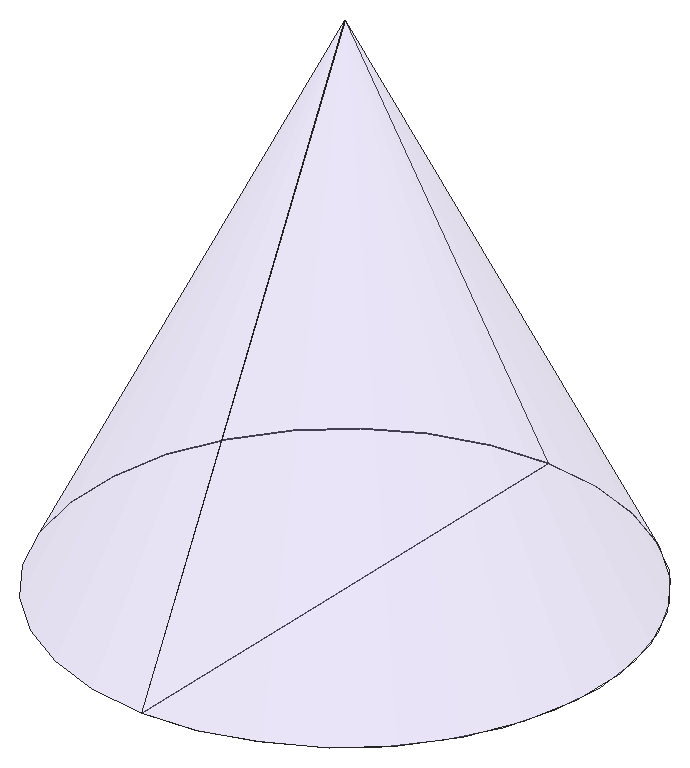
Revit family
Parameters
  Radius [instance] = 4500 mm
  Mass Material [instance] = Default Mass
  Height [instance] = 9000 mm
  Default Elevation = 1200 mm
Reference planes
  plane 1 "Center (Front/Back)": y = 12.955
  plane 2: z = 0
  plane 3 "Center (Left/Right)": x = -30.261
  plane 4: z = 9000
  plane 5: y = 4512.955
  plane 6: x = 4469.739
  plane 7: y = -4487.045
  plane 8: x = -4530.261
Forms (mm)
  Revolve 1, solid, material "Default Mass" <- "Mass Material"
    sketch origin (-30.261, 0, 0) x (0, 1, 0) y (0, 0, 1)
      loop
        line (12.955, 9000) -> (12.955, 0) -> (4512.955, 0) -> (12.955, 9000)
      axis (12.955, 0) -> (12.955, 9000)
    angle from 0 to 360
Dimensions and locks
  "Radius": Revolve 1 sketch curve to plane 1 "Center (Front/Back)"
  "Radius": plane 5 to plane 1 "Center (Front/Back)"
  "Radius": plane 7 to plane 1 "Center (Front/Back)"
  "Radius": plane 3 "Center (Left/Right)" to plane 6
  "Radius": plane 8 to plane 3 "Center (Left/Right)"
  "Height": plane 4 to plane 2
  locked: plane 2 to level
  aligned and locked: plane 4 to Revolve 1 sketch curve
  aligned and locked: plane 1 "Center (Front/Back)" to Revolve 1 sketch curve
  aligned and locked: Revolve 1 sketch curve to plane 2
Automatic sketch dimensions
  Revolve 1 sketch curve to plane 1 "Center (Front/Back)" = 0 mm
  plane 4 to Revolve 1 sketch curve = 914.4 mm
  Revolve 1 sketch curve to Revolve 1 sketch curve = 1828.8 mm
